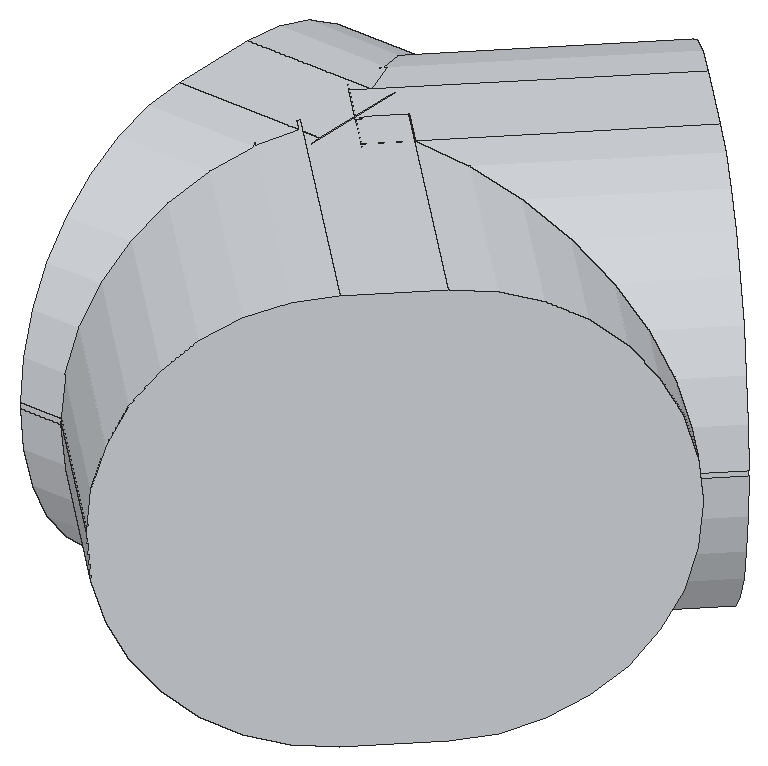
Revit family "e11e9f06c3824deabca44d8bedcf5454", category Duct Fittings, Revit 2021
Family settings
  Round Connector Dimension = Use Diameter
  Part Type = Wye
  OmniClass Number = 23.75.70.14
  OmniClass Title = Air Ductwork
  Seek Item ID = Oval Wye-0000-USA-ENU
  Work Plane-Based = No
  Always vertical = Yes
  Cut with Voids When Loaded = No
  Shared = No
Parameters (values of type "Standard")
  Shoulder Length [instance] = 1"
  Radius [instance] = if(Duct Width > Duct Height, Duct Width * 2, Duct Height * 2)  # 24"
  Length 5 [instance] = Length 2 * cos(Angle 1) + Length 1  # 8.43503"
  Length 4 [instance] = Length 2 * sin(Angle 1)  # 4.94975"
  Length 3 [instance] = Length 1 + Length 2  # 10.48528"
  Length 2 [instance] = if(Angle > 90.00°, Length 1, Duct Width * 0.5 / tan(Angle 1) + Shoulder Length)  # 7"
  Length 1 [instance] = Duct Width * 0.5 * tan(Angle 1 / 2) + Shoulder Length  # 3.48528"
  Duct Width [instance] = 12"
  Duct Height [instance] = 10"
  Default Elevation = 0' - 0"
  Angle 1 [instance] = Angle / 2  # 45.00°
  Angle [instance] = 90.00°
Reference planes (in)
  plane 1 "Center (Front/Back)": y = 0
  plane 2: z = 0
  plane 3 "Center (Left/Right)": x = 0
  plane 4: x = 3.48528
  plane 5: x = 8.43503
  plane 6: y = 4.94975
  plane 7: y = -4.94975
Forms (in)
  Sweep 1, solid, detail levels medium+fine
    path in 3D
      loop
        line (3.48528, 0, 0) -> (0, 0, 0)
    profile "Duct - Oval : Duct - Oval" origin (1.74264, 0, 0) x (0, -1, 0) y (0, 0, 1)
      loop
        line (-6, 0.0625) -> (-6, -0.0625)
        arc (-6, -0.0625) -> (-4.55384, -3.55384) -> (-1.0625, -5) r 4.9375
        line (-1.0625, -5) -> (1.0625, -5)
        arc (1.0625, -5) -> (4.55384, -3.55384) -> (6, -0.0625) r 4.9375
        line (6, -0.0625) -> (6, 0.0625)
        arc (6, 0.0625) -> (4.55384, 3.55384) -> (1.0625, 5) r 4.9375
        line (1.0625, 5) -> (-1.0625, 5)
        arc (-1.0625, 5) -> (-4.55384, 3.55384) -> (-6, 0.0625) r 4.9375
  Sweep 2, solid, detail levels medium+fine
    path in 3D
      loop
        line (3.48528, 0, 0) -> (8.43503, 4.94975, 0)
    profile "Duct - Oval : Duct - Oval" origin (5.96016, 2.47487, 0) x (-0.707107, 0.707107, 0) y (0, 0, 1)
      loop
        line (-6, 0.0625) -> (-6, -0.0625)
        arc (-6, -0.0625) -> (-4.55384, -3.55384) -> (-1.0625, -5) r 4.9375
        line (-1.0625, -5) -> (1.0625, -5)
        arc (1.0625, -5) -> (4.55384, -3.55384) -> (6, -0.0625) r 4.9375
        line (6, -0.0625) -> (6, 0.0625)
        arc (6, 0.0625) -> (4.55384, 3.55384) -> (1.0625, 5) r 4.9375
        line (1.0625, 5) -> (-1.0625, 5)
        arc (-1.0625, 5) -> (-4.55384, 3.55384) -> (-6, 0.0625) r 4.9375
  Sweep 3, solid, detail levels medium+fine
    path in 3D
      loop
        line (3.48528, 0, 0) -> (8.43503, -4.94975, 0)
    profile "Duct - Oval : Duct - Oval" origin (5.96016, -2.47487, 0) x (0.707107, 0.707107, 0) y (0, 0, 1)
      loop
        line (-6, 0.0625) -> (-6, -0.0625)
        arc (-6, -0.0625) -> (-4.55384, -3.55384) -> (-1.0625, -5) r 4.9375
        line (-1.0625, -5) -> (1.0625, -5)
        arc (1.0625, -5) -> (4.55384, -3.55384) -> (6, -0.0625) r 4.9375
        line (6, -0.0625) -> (6, 0.0625)
        arc (6, 0.0625) -> (4.55384, 3.55384) -> (1.0625, 5) r 4.9375
        line (1.0625, 5) -> (-1.0625, 5)
        arc (-1.0625, 5) -> (-4.55384, 3.55384) -> (-6, 0.0625) r 4.9375
  Sweep 4, void
    path in 3D
      loop
        line (0, 0, 0) -> (-10.48528, 0, 0)
    profile origin (-5.24264, 0, 0) x (0, -1, 0) y (0, 0, 1)
      loop
        circle (0, 0) r 24
Cuts and joins
  Sweep 4 cuts Sweep 1
  Sweep 4 cuts Sweep 2
  Sweep 4 cuts Sweep 3
Lines and regions (in)
  model lines, detail levels coarse
    curve 1: line (3.48528, 0, 0) -> (8.43503, 4.94975, 0)
    curve 2: line (3.48528, 0, 0) -> (8.43503, -4.94975, 0)
    curve 3: line (3.48528, 0, 0) -> (0, 0, 0)
  sketch lines
    curve 4: line (3.48528, 0, 0) -> (0, 0, 0)
    curve 5: line (3.48528, 0, 0) -> (8.43503, 4.94975, 0)
    curve 6: line (3.48528, 0, 0) -> (8.43503, -4.94975, 0)
    curve 8: line (0, 0, 0) -> (-10.48528, 0, 0)
  reference lines
    curve 7: line (0, 0, 0) -> (-10.48528, 0, 0)
    curve 9: line (8.43503, 4.94975, 0) -> (13.38478, 9.89949, 0)
    curve 10: line (8.43503, -4.94975, 0) -> (13.38478, -9.89949, 0)
Dimensions and locks (in)
  "Length 1": plane 3 "Center (Left/Right)" to plane 4
  "Length 2": curve 1 to curve 1
  "Length 2": curve 2 to curve 2
  "Length 3": curve 7 to curve 7
  "Length 5": plane 3 "Center (Left/Right)" to plane 5
  "Length 4": plane 6 to plane 1 "Center (Front/Back)"
  "Length 4": plane 7 to plane 1 "Center (Front/Back)"
  "Length 2": curve 9 to curve 9
  "Length 2": curve 10 to curve 10
  "Radius": radius of Sweep 4 sketch curve
  "Angle 1": angle plane 1 "Center (Front/Back)" to curve 1
  "Angle 1": angle curve 2 to plane 1 "Center (Front/Back)"
  "Angle 1": angle plane 6 to curve 9
  "Angle 1": angle curve 10 to plane 7
  aligned and locked: plane 3 "Center (Left/Right)" to curve 3
  aligned and locked: plane 4 to curve 3
  aligned and locked: curve 3 to plane 1 "Center (Front/Back)"
  aligned and locked: curve 7 to plane 1 "Center (Front/Back)"
  aligned and locked: plane 3 "Center (Left/Right)" to curve 7
  aligned and locked: plane 5 to curve 9
  aligned and locked: plane 7 to curve 10
  aligned and locked: plane 5 to curve 10
  aligned and locked: plane 2 to Sweep 4 sketch curve
  aligned and locked: plane 1 "Center (Front/Back)" to Sweep 4 sketch curve
Automatic sketch dimensions
  curve 9 to plane 6 = 0' - 0"
Connectors (in)
  hvac at (0, 0, 0), driven by "Duct Height", driven by "Duct Width"
    settings: on cut or joined group of Sweep 1, Sweep 4, index 1, duct flow 0 CFM, flow factor 0, pres drop 0.00 in-wg, loss coef 0, conn angle 0.00°, conn width 12", conn height 10", conn diameter 24", duct sys type 28, conn prof type 2, flow config 0, flow direction 0, loss method 0, conn ref index -1, conn util no, is conn primary yes, conn desc ""
  hvac at (8.43503, 4.94975, 0), driven by "Duct Height", driven by "Duct Width", driven by "Angle 1"
    settings: on cut or joined group of Sweep 2, Sweep 4, index 2, duct flow 0 CFM, flow factor 0, pres drop 0.00 in-wg, loss coef 0, conn angle 45.00°, conn width 12", conn height 10", conn diameter 24", duct sys type 28, conn prof type 2, flow config 0, flow direction 0, loss method 0, conn ref index -1, conn util no, is conn primary no, conn desc ""
  hvac at (8.43503, -4.94975, 0), driven by "Duct Height", driven by "Duct Width", driven by "Angle 1"
    settings: on cut or joined group of Sweep 3, Sweep 4, index 3, duct flow 0 CFM, flow factor 0, pres drop 0.00 in-wg, loss coef 0, conn angle 45.00°, conn width 12", conn height 10", conn diameter 24", duct sys type 28, conn prof type 2, flow config 0, flow direction 0, loss method 0, conn ref index -1, conn util no, is conn primary no, conn desc ""
